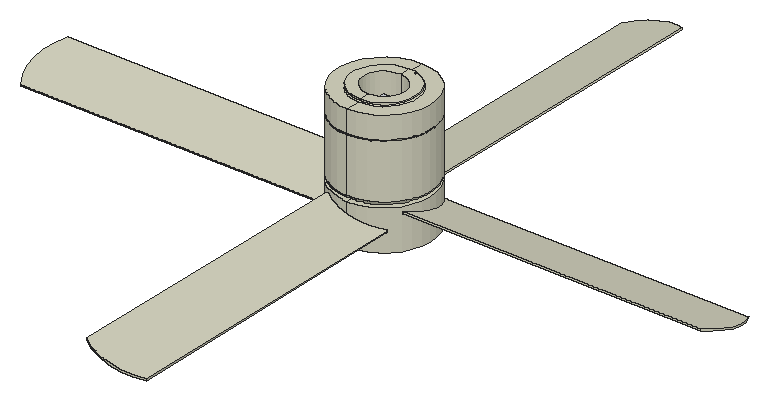
Revit family "3-102-xx - Oslo Hugger (Ceiling Fan)", category Lighting Fixtures, host Ceiling, Revit 2018
Family settings
  Host = Ceiling
  Round Connector Dimension = Use Diameter
  Part Type = Normal
  OmniClass Number = 23.80.70.11
  OmniClass Title = Luminaries for Internal Lighting
  Always vertical = Yes
  Cut with Voids When Loaded = No
  Light Source = Yes
  Shared = No
  Room Calculation Point = No
Parameters (values of type "3-101-24 - Oslo Hugger (Without light kit)")
  Wattage Comments = ""
  URL = "www.oxygenlighting.com"
  Type Comments = "LED Lighting Fixture"
  Model = "3-101-xx - Oslo Hugger"  # constant formula
  Metal Finish = Oxygen Lighting - Metal Finish - 24 - Satin Nickel
  Manufacturer = "Oxygen Lighting"
  Light Source Symbol Size = 24.00"
  Keynote = "LED array lamp"
  Input Voltage = "120V 50/60Hz"
  Wattage = 0 W
  built-in parameter 1150110 = 1 (stored number, unit not read)
  built-in parameter 1114217 = 1 (stored number, unit not read)
  built-in parameter 1150109 = 1 (stored number, unit not read)
  built-in parameter 1150134 = (empty or 0)
  built-in parameter 1150113 = 1 (stored number, unit not read)
  Lumens = 0 lm
  built-in parameter 1150115 = 1 (stored number, unit not read)
  built-in parameter 1150105 = (empty or 0)
  built-in parameter 1150137 = (empty or 0)
  built-in parameter 1150139 = (empty or 0)
  built-in parameter 1150112 = 1 (stored number, unit not read)
  built-in parameter 1150114 = 1 (stored number, unit not read)
  Lamp = "LED Array"
  built-in parameter 1150132 = 2
  built-in parameter 1150102 = (empty or 0)
  built-in parameter 1150138 = (empty or 0)
  built-in parameter 1150107 = 3000 (stored number, unit not read)
  built-in parameter 1150106 = (empty or 0)
  Emit from Circle Diameter = 7.00"
  Emit Shape Visible in Rendering = no
  built-in parameter 1150104 = 12.128 (stored number, unit not read)
  Dimming Lamp Color Temperature Shift = <None>
  Diffuser = Oxygen Lighting - Metal Finish - 24 - Satin Nickel
  Description = "--"
  Cost = 0
  Color Filter = 16777215
  built-in parameter 1114218 = 1 (stored number, unit not read)
  built-in parameter 1150133 = 10 (stored number, unit not read)
  Assembly Code = "--"
Types (9): name | Metal Finish | Wattage | Lumens | built-in parameter 1150105 | built-in parameter 1150106 | Diffuser
  (no name) | Oxygen Lighting - Metal Finish - 24 - Satin Nickel | 0 W | 0 lm | (empty or 0) | (empty or 0) | Oxygen Lighting - Metal Finish - 24 - Satin Nickel
  3-101-20 - Oslo Hugger | Oxygen Lighting - Metal Finish - 20 - Polished Nickel | 9.19258 W | 1200 lm | 381.97 (stored number, unit not read) | 3.8197 (stored number, unit not read) | Oxygen Lighting - Diffuser - Matte White Acrylic
  3-101-22 - Oslo Hugger | Oxygen Lighting - Metal Finish - 22 - Oiled Bronze | 9.19258 W | 1200 lm | 381.97 (stored number, unit not read) | 3.8197 (stored number, unit not read) | Oxygen Lighting - Diffuser - Matte White Acrylic
  3-101-24 - Oslo Hugger | Oxygen Lighting - Metal Finish - 24 - Satin Nickel | 9.19258 W | 1200 lm | 381.97 (stored number, unit not read) | 3.8197 (stored number, unit not read) | Oxygen Lighting - Diffuser - Matte White Acrylic
  3-101-06 - Oslo Hugger | Oxygen Lighting - Metal Finish - 06 - White | 9.19258 W | 1200 lm | 381.97 (stored number, unit not read) | 3.8197 (stored number, unit not read) | Oxygen Lighting - Diffuser - Matte White Acrylic
  3-101-06 - Oslo Hugger (Without light kit) | Oxygen Lighting - Metal Finish - 06 - White | 0 W | 0 lm | (empty or 0) | (empty or 0) | Oxygen Lighting - Metal Finish - 06 - White
  3-101-20 - Oslo Hugger (Without light kit) | Oxygen Lighting - Metal Finish - 20 - Polished Nickel | 0 W | 0 lm | (empty or 0) | (empty or 0) | Oxygen Lighting - Metal Finish - 20 - Polished Nickel
  3-101-22 - Oslo Hugger (Without light kit) | Oxygen Lighting - Metal Finish - 22 - Oiled Bronze | 0 W | 0 lm | (empty or 0) | (empty or 0) | Oxygen Lighting - Metal Finish - 22 - Oiled Bronze
  3-101-24 - Oslo Hugger (Without light kit) | Oxygen Lighting - Metal Finish - 24 - Satin Nickel | 0 W | 0 lm | (empty or 0) | (empty or 0) | Oxygen Lighting - Metal Finish - 24 - Satin Nickel
Reference planes (in)
  plane 1 "Light Source Axis (F/B)": y = 0
  plane 2 "Ceiling": z = 96
  plane 3 "Light Source Axis (L/R)": x = 0
  plane 4 "Light Source Elevation": z = 86
  plane 5 "fan": through (-3.55118, -180, 34.51212) normal (0.2588, 0, 0.9659)
Forms (in)
  Revolve 1, solid, material "Oxygen Lighting - Metal Finish - 24 - Satin Nickel" <- "Metal Finish"
    sketch origin (0, 0, 54.99801) x (0, 1, 0) y (0, 0, 1)
      loop
        line (-2.44517, 40.83102) -> (-3.55118, 40.83102) -> (-3.55118, 39.12478) -> (-3.52514, 39.09874) -> (-3.55118, 39.0727) -> (-3.55118, 34.89599)
        arc (-3.55118, 34.89599) -> (-3.50794, 34.79159) -> (-3.40354, 34.74834) r 0.14764
        line (-3.40354, 34.74834) -> (-2.55118, 34.74834) -> (-2.55118, 34.6696) -> (-2.80118, 34.6696) -> (-2.80118, 34.51212) -> (-3.55118, 34.51212) -> (-3.55118, 31.44126) -> (0, 31.44126) -> (0, 35.13406) -> (-1.55234, 35.13406) -> (-1.55234, 41.00199) -> (-2.36643, 41.00199) -> (-2.36643, 40.90976) -> (-2.44517, 40.83102)
      axis (0, 31.44126) -> (0, 41.00199)
    angle from 0 to 360
  Revolve 2, solid, material "Oxygen Lighting - Metal Finish - 24 - Satin Nickel" <- "Diffuser"
    sketch origin (0, 0, 54.99801) x (0, 1, 0) y (0, 0, 1)
      loop
        line (0, 31.44126) -> (-3, 31.44126) -> (-3, 31.38126)
        arc (-3, 31.38126) -> (-2.92678, 31.20448) -> (-2.75, 31.13126) r 0.25
        line (-2.75, 31.13126) -> (0, 31.13126) -> (0, 31.44126)
      axis (0, 31.44126) -> (0, 31.13126)
    angle from 0 to 360
  Extrusion 3, solid, material "Oxygen Lighting - Metal Finish - 24 - Satin Nickel" <- "Metal Finish"
    sketch origin (8.38661, 0.5, 86.29726) x (-0.965926, 0, 0.258819) y (0, -1, 0)
      loop
        arc (10.80018, 3.60989) -> (11.24321, 14.95419) -> (10.8335, 26.29974) r 151.1473
        arc (10.8335, 26.29974) -> (8.4752, 27.02335) -> (6.12112, 26.28614) r 4.16557
        arc (6.12112, 26.28614) -> (5.73775, 14.83113) -> (6.16403, 3.37763) r 162.24685
        arc (6.16403, 3.37763) -> (6.25253, 3.25049) -> (6.40653, 3.26727) r 0.15177
        arc (6.40653, 3.26727) -> (8.45605, 4.01317) -> (10.574, 3.49242) r 3.75
        arc (10.574, 3.49242) -> (10.71976, 3.48825) -> (10.80018, 3.60989) r 0.15
    from 0 to 0.125
  Extrusion 4, solid, material "Oxygen Lighting - Metal Finish - 24 - Satin Nickel" <- "Metal Finish"
    sketch origin (0.5, -8.38661, 86.29726) x (0, 0.965926, 0.258819) y (-1, 0, 0)
      loop
        arc (10.80018, 3.60989) -> (11.24321, 14.95419) -> (10.8335, 26.29974) r 151.1473
        arc (10.8335, 26.29974) -> (8.4752, 27.02335) -> (6.12112, 26.28614) r 4.16557
        arc (6.12112, 26.28614) -> (5.73775, 14.83113) -> (6.16403, 3.37763) r 162.24685
        arc (6.16403, 3.37763) -> (6.25253, 3.25049) -> (6.40653, 3.26727) r 0.15177
        arc (6.40653, 3.26727) -> (8.45605, 4.01317) -> (10.574, 3.49242) r 3.75
        arc (10.574, 3.49242) -> (10.71976, 3.48825) -> (10.80018, 3.60989) r 0.15
    from 0 to 0.125
  Extrusion 5, solid, material "Oxygen Lighting - Metal Finish - 24 - Satin Nickel" <- "Metal Finish"
    sketch origin (-0.5, 8.38661, 86.29726) x (0, -0.965926, 0.258819) y (1, 0, 0)
      loop
        arc (10.80018, 3.60989) -> (11.24321, 14.95419) -> (10.8335, 26.29974) r 151.1473
        arc (10.8335, 26.29974) -> (8.4752, 27.02335) -> (6.12112, 26.28614) r 4.16557
        arc (6.12112, 26.28614) -> (5.73775, 14.83113) -> (6.16403, 3.37763) r 162.24685
        arc (6.16403, 3.37763) -> (6.25253, 3.25049) -> (6.40653, 3.26727) r 0.15177
        arc (6.40653, 3.26727) -> (8.45605, 4.01317) -> (10.574, 3.49242) r 3.75
        arc (10.574, 3.49242) -> (10.71976, 3.48825) -> (10.80018, 3.60989) r 0.15
    from 0 to 0.125
  Extrusion 6, solid, material "Oxygen Lighting - Metal Finish - 24 - Satin Nickel" <- "Metal Finish"
    sketch origin (-8.38661, -0.5, 86.29726) x (0.965926, 0, 0.258819) y (0, 1, 0)
      loop
        arc (10.80018, 3.60989) -> (11.24321, 14.95419) -> (10.8335, 26.29974) r 151.1473
        arc (10.8335, 26.29974) -> (8.4752, 27.02335) -> (6.12112, 26.28614) r 4.16557
        arc (6.12112, 26.28614) -> (5.73775, 14.83113) -> (6.16403, 3.37763) r 162.24685
        arc (6.16403, 3.37763) -> (6.25253, 3.25049) -> (6.40653, 3.26727) r 0.15177
        arc (6.40653, 3.26727) -> (8.45605, 4.01317) -> (10.574, 3.49242) r 3.75
        arc (10.574, 3.49242) -> (10.71976, 3.48825) -> (10.80018, 3.60989) r 0.15
    from 0 to 0.125
  Extrusion 7, solid
    sketch origin (0, 0, 96) x (1, 0, 0) y (0, 1, 0)
      loop
        line (-0.72894, 0.86436) -> (-0.72894, -0.88564) -> (0.77106, -0.88564) -> (0.77106, 0.86436) -> (-0.72894, 0.86436)
    from -1.31599 to -4.65763
Dimensions and locks (in)
  equal spacing: host sketch curve, plane 3 "Light Source Axis (L/R)", host sketch curve
  equal spacing: host sketch curve, plane 1 "Light Source Axis (F/B)", host sketch curve
  host sketch curve to host sketch curve = 120.00"  (x2)
  locked: Revolve 1 sketch curve to Revolve 1 sketch curve at 0.17097
  locked: Revolve 2 to Revolve 1 sketch curve at 9.56073
  locked: Revolve 1 sketch curve to Revolve 1 sketch curve at 3.55118  (x2)
  locked: Revolve 1 sketch curve to Revolve 1 sketch curve at 2.36643
  locked: Revolve 1 sketch curve to Revolve 1 sketch curve at 6.08268
  locked: Revolve 1 sketch curve to Revolve 1 sketch curve at 1
  locked: Revolve 1 sketch curve to Revolve 1 sketch curve at 0.07874
  locked: Revolve 1 sketch curve to Revolve 1 sketch curve at 0.25
  locked: Revolve 1 sketch curve to Revolve 1 sketch curve at 3.07087
  locked: Revolve 2 sketch curve to Revolve 2 sketch curve at 0.31
  locked: Revolve 2 sketch curve to Revolve 2 sketch curve at 3
  plane 4 "Light Source Elevation" to Extrusion 7 to Extrusion 7 = 5.34237" locked, 3.34165" locked
  aligned and locked: plane 3 "Light Source Axis (L/R)" to imposter light
  aligned and locked: plane 1 "Light Source Axis (F/B)" to imposter light
  aligned and locked: plane 4 "Light Source Elevation" to imposter light
  aligned and locked: Revolve 1 to Revolve 1
Automatic sketch dimensions
  Revolve 2 sketch curve to plane 1 "Light Source Axis (F/B)" = 0.00"  (x2)
  level to Revolve 2 sketch curve = 86.12927"
  Revolve 2 sketch curve to Revolve 2 sketch curve = 0.00"
  Revolve 2 sketch curve to Revolve 2 sketch curve = 0.06"
  Revolve 2 sketch curve to Revolve 2 sketch curve = 0.83804"
  Revolve 2 sketch curve to Revolve 2 sketch curve = 0.10319"
  Extrusion 3 sketch curve to Extrusion 3 sketch curve = 2.17182"
  Extrusion 3 sketch curve to Extrusion 3 sketch curve = 1.99227"
  Extrusion 3 sketch curve to Extrusion 3 sketch curve = 157.33369"
  Extrusion 3 sketch curve to Extrusion 3 sketch curve = 19.23643"
  Extrusion 3 sketch curve to Extrusion 3 sketch curve = 2.3661"
  Extrusion 3 sketch curve to Extrusion 3 sketch curve = 0.15137"
  Extrusion 3 sketch curve to Extrusion 3 sketch curve = 0.00"  (x4)
  Extrusion 3 sketch curve to Extrusion 3 sketch curve = 146.21932"
  Extrusion 3 sketch curve to Extrusion 3 sketch curve = 2.34295"
  Extrusion 3 sketch curve to Extrusion 3 sketch curve = 3.12"
  Extrusion 3 sketch curve to Extrusion 3 sketch curve = 3.35274"
  Extrusion 3 sketch curve to Extrusion 3 sketch curve = 11.51361"
  Extrusion 3 sketch curve to Extrusion 3 sketch curve = 11.11003"
  Extrusion 4 sketch curve to Extrusion 4 sketch curve = 2.17182"
  Extrusion 4 sketch curve to Extrusion 4 sketch curve = 1.99227"
  Extrusion 4 sketch curve to Extrusion 4 sketch curve = 157.33369"
  Extrusion 4 sketch curve to Extrusion 4 sketch curve = 19.23643"
  Extrusion 4 sketch curve to Extrusion 4 sketch curve = 2.3661"
  Extrusion 4 sketch curve to Extrusion 4 sketch curve = 0.15137"
  Extrusion 4 sketch curve to Extrusion 4 sketch curve = 0.00"  (x4)
  Extrusion 4 sketch curve to Extrusion 4 sketch curve = 146.21932"
  Extrusion 4 sketch curve to Extrusion 4 sketch curve = 2.34295"
  Extrusion 4 sketch curve to Extrusion 4 sketch curve = 3.12"
  Extrusion 4 sketch curve to Extrusion 4 sketch curve = 3.35274"
  Extrusion 4 sketch curve to Extrusion 4 sketch curve = 11.51361"
  Extrusion 4 sketch curve to Extrusion 4 sketch curve = 11.11003"
  Extrusion 5 sketch curve to Extrusion 5 sketch curve = 2.17182"
  Extrusion 5 sketch curve to Extrusion 5 sketch curve = 1.99227"
  Extrusion 5 sketch curve to Extrusion 5 sketch curve = 157.33369"
  Extrusion 5 sketch curve to Extrusion 5 sketch curve = 19.23643"
  Extrusion 5 sketch curve to Extrusion 5 sketch curve = 2.3661"
  Extrusion 5 sketch curve to Extrusion 5 sketch curve = 0.15137"
  Extrusion 5 sketch curve to Extrusion 5 sketch curve = 0.00"  (x4)
  Extrusion 5 sketch curve to Extrusion 5 sketch curve = 146.21932"
  Extrusion 5 sketch curve to Extrusion 5 sketch curve = 2.34295"
  Extrusion 5 sketch curve to Extrusion 5 sketch curve = 3.12"
  Extrusion 5 sketch curve to Extrusion 5 sketch curve = 3.35274"
  Extrusion 5 sketch curve to Extrusion 5 sketch curve = 11.51361"
  Extrusion 5 sketch curve to Extrusion 5 sketch curve = 11.11003"
  Extrusion 6 sketch curve to Extrusion 6 sketch curve = 2.17182"
  Extrusion 6 sketch curve to Extrusion 6 sketch curve = 1.99227"
  Extrusion 6 sketch curve to Extrusion 6 sketch curve = 157.33369"
  Extrusion 6 sketch curve to Extrusion 6 sketch curve = 19.23643"
  Extrusion 6 sketch curve to Extrusion 6 sketch curve = 2.3661"
  Extrusion 6 sketch curve to Extrusion 6 sketch curve = 0.15137"
  Extrusion 6 sketch curve to Extrusion 6 sketch curve = 0.00"  (x4)
  Extrusion 6 sketch curve to Extrusion 6 sketch curve = 146.21932"
  Extrusion 6 sketch curve to Extrusion 6 sketch curve = 2.34295"
  Extrusion 6 sketch curve to Extrusion 6 sketch curve = 3.12"
  Extrusion 6 sketch curve to Extrusion 6 sketch curve = 3.35274"
  Extrusion 6 sketch curve to Extrusion 6 sketch curve = 11.51361"
  Extrusion 6 sketch curve to Extrusion 6 sketch curve = 11.11003"
  Extrusion 7 sketch curve to plane 3 "Light Source Axis (L/R)" = 0.72894"
  plane 3 "Light Source Axis (L/R)" to Extrusion 7 sketch curve = 0.77106"
  plane 1 "Light Source Axis (F/B)" to Extrusion 7 sketch curve = 0.88564"
  Extrusion 7 sketch curve to plane 1 "Light Source Axis (F/B)" = 0.86436"
  Revolve 1 sketch curve to plane 1 "Light Source Axis (F/B)" = 0.00"  (x2)
  Revolve 1 sketch curve to Revolve 1 sketch curve = 0.00"
  Revolve 1 sketch curve to plane 2 "Ceiling" = 1.90325"
  Revolve 1 sketch curve to Revolve 1 sketch curve = 0.02604"  (x2)
  Revolve 1 sketch curve to Revolve 1 sketch curve = 0.14764"
  Revolve 1 sketch curve to Revolve 1 sketch curve = 0.07874"
  Revolve 1 sketch curve to Revolve 1 sketch curve = 0.99885"
  Revolve 1 sketch curve to Revolve 1 sketch curve = 0.15748"
  Revolve 1 sketch curve to plane 2 "Ceiling" = 0.09223"
  Revolve 1 sketch curve to Revolve 1 sketch curve = 0.62194"
  Revolve 1 sketch curve to plane 4 "Light Source Elevation" = 0.12431"
  Revolve 1 sketch curve to plane 2 "Ceiling" = 5.86793"
